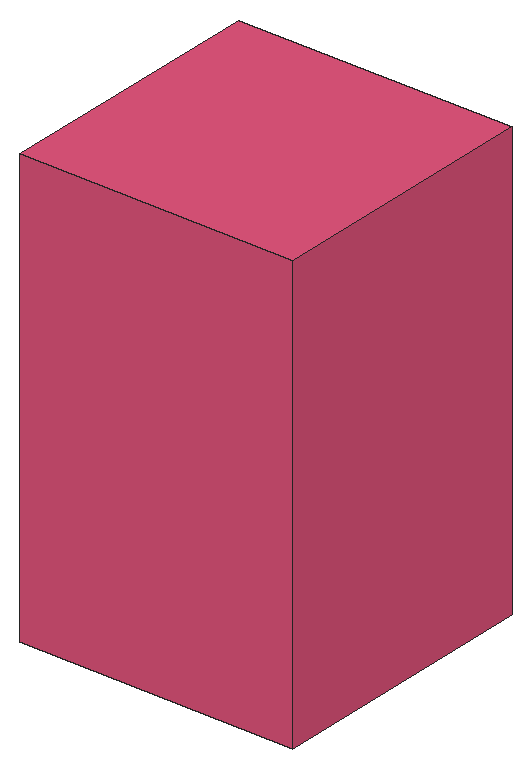
Revit family "ALG_WartungsDummy", category Allgemeines Modell, Revit 2017
Family settings
  Kann Basisbauteil für Bewehrung sein = Nein
  Bemaßung runder Anschluss = Durchmesser verwenden
  Teiletyp = Normal
  Arbeitsebenenbasiert = Nein
  Immer vertikal = Ja
  Beim Laden mit Abzugskörper schneiden = Nein
  Gemeinsam genutzt = Nein
  Raumberechnungspunkt = Nein
Parameters (values of type "Typ 1")
  Material = 3D-Schnittmaterial
  ALG_DIM_Tiefe [instance] = 500 mm
  ALG_DIM_Länge [instance] = 500 mm
  ALG_DIM_Höhe [instance] = 800 mm
Reference planes
  plane 1 "Mitte (Vorne/hinten)": y = 0
  plane 2: z = 0
  plane 3 "Mitte (Links/rechts)": x = 0
Forms (mm)
  Extrusion 1, solid, material "3D-Schnittmaterial" <- "Material"
    sketch origin (0, 0, 0) x (1, 0, 0) y (0, 1, 0)
      loop
        line (-250, -250) -> (250, -250) -> (250, 250) -> (-250, 250) -> (-250, -250)
    from 0 to 800
Lines and regions (mm)
  reference lines
    curve 1: line (-165.916, 250, 0) -> (282.511, 250, 0)
    curve 2: line (-135.117, -250, 0) -> (353.31, -250, 0)
    curve 3: line (250, 295.292, 0) -> (250, -232.496, 0)
    curve 4: line (-250, 295.292, 0) -> (-250, -212.496, 0)
    curve 5: line (-684.937, 0, 800) -> (715.063, 0, 800)
Dimensions and locks
  equal spacing: curve 4, plane 3 "Mitte (Links/rechts)", curve 3
  "ALG_DIM_Länge": curve 4 to curve 3
  equal spacing: curve 2, plane 1 "Mitte (Vorne/hinten)", curve 1
  "ALG_DIM_Tiefe": curve 2 to curve 1
  "ALG_DIM_Höhe": curve 5 to level
  plane 3 "Mitte (Links/rechts)" to Extrusion 1 = 250 mm
  aligned and locked: level to plane 2
  aligned and locked: Extrusion 1 to curve 1
  aligned and locked: curve 4 to Extrusion 1
  aligned and locked: Extrusion 1 to curve 2
  aligned and locked: Extrusion 1 to curve 3
  aligned and locked: Extrusion 1 to curve 5
Automatic sketch dimensions
  Extrusion 1 sketch curve to plane 3 "Mitte (Links/rechts)" = 250 mm
  plane 3 "Mitte (Links/rechts)" to Extrusion 1 sketch curve = 250 mm
  plane 1 "Mitte (Vorne/hinten)" to Extrusion 1 sketch curve = 250 mm
  Extrusion 1 sketch curve to plane 1 "Mitte (Vorne/hinten)" = 250 mm
  curve 4 to curve 1 = 84.084 mm
  curve 4 to curve 2 = 114.883 mm
  curve 3 to curve 1 = 32.511 mm
  curve 3 to curve 2 = 103.31 mm
  curve 2 to curve 3 = 17.504 mm
  curve 2 to curve 4 = 37.504 mm
  curve 1 to curve 4 = 45.292 mm
  curve 1 to curve 3 = 45.292 mm
  curve 5 to plane 3 "Mitte (Links/rechts)" = 684.937 mm
  plane 3 "Mitte (Links/rechts)" to curve 5 = 715.063 mm
